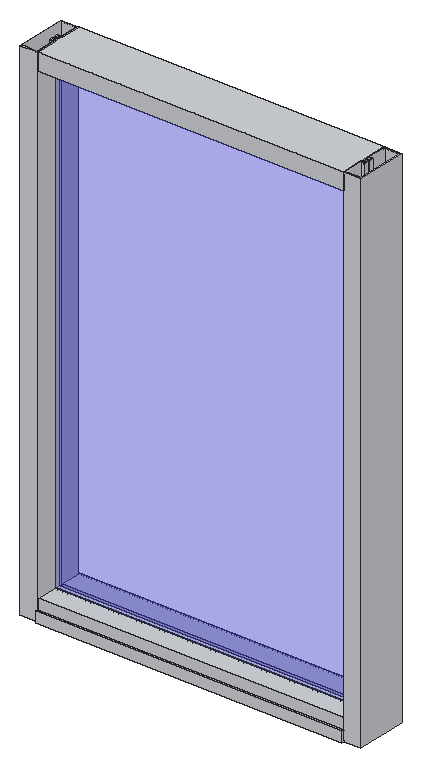
Revit family "ecoFRAMEplus 150mm Centre Pocket Double Glazed Framing", category Windows, host Wall, Revit 2021
Family settings
  Host = Wall
  OmniClass Number = 23.30.20.00
  OmniClass Title = Windows
  Always vertical = Yes
  Cut with Voids When Loaded = No
  Shared = No
  Room Calculation Point = No
Parameters
  Single Glazed [instance] = yes
  Rough Width = 0 mm  # constant formula
  Rough Height = 0 mm  # constant formula
  Height [instance] = 1500 mm
  Double Glazed [instance] = not(Single Glazed)  # no
  Default Sill Height = 800 mm
  Wall Closure = By host
  Width [instance] = 1000 mm
Reference planes
  plane 1 "Center (Front/Back)": y = 0
  plane 2 "Center (Left/Right)": x = 0
  plane 3 "Left": x = -500
  plane 4 "Right": x = 500
  plane 5 "Sill": z = 800
  plane 6 "Head": z = 2300
  plane 7 "Exterior": y = 100
  plane 8 "Interior": y = -100
Lines and regions (mm)
  Opening 1
    outline origin (3500, -100, 0) x (1, 0, 0) y (0, 0, 1)
      loop
        line (-3000, 800) -> (-3000, 2300) -> (-4000, 2300) -> (-4000, 800) -> (-3000, 800)
Text (mm)
  text "Exterior" at (-1963.203, 1332.353, 0), in view "Ref. Level"
  text "Interior" at (-1981.466, -818.386, 0), in view "Ref. Level"
  text "Exterior" at (0, 923.751, 2943.296), in view "Right"
  text "Exterior" at (0, 1040.484, 2685.409), in view "Left"
Dimensions and locks
  equal spacing: plane 3 "Left", plane 2 "Center (Left/Right)", plane 4 "Right"
  "Width": plane 3 "Left" to plane 4 "Right"
  "Height": plane 5 "Sill" to plane 6 "Head"
  "Default Sill Height": plane 5 "Sill" to level
  locked: plane 7 "Exterior" to host wall
  locked: plane 8 "Interior" to host wall
  aligned and locked: host wall to nested 1
  aligned and locked: nested 1 to plane 4 "Right"
  aligned and locked: nested 1 to plane 3 "Left"
  aligned and locked: nested 1 to plane 6 "Head"
  aligned and locked: nested 1 to plane 5 "Sill"
Automatic sketch dimensions
  Opening 1 sketch curve to plane 3 "Left" = 0 mm
  Opening 1 sketch curve to plane 4 "Right" = 0 mm
  Opening 1 sketch curve to plane 5 "Sill" = 0 mm
  Opening 1 sketch curve to plane 6 "Head" = 0 mm
Nested families
  nested 1: "ecoFRAMEplus 150mm Centre Pocket Double Glazed Framing" at (0, -0.979, 1002.904), type "ecoFRAMEplus 150mm Centre Pocket Double Glazed Framing"
    with Width 1000 mm, Overall Thickness Control 24 mm, Height 1500 mm, Glass Glass, Frame Material none, Double Glazing Thickness 24 mm, Air Gap Control 12 mm, Air Gap 12 mm
Definition of nested family "ecoFRAMEplus 150mm Centre Pocket Double Glazed Framing"
  Parameters (values of type "ecoFRAMEplus 150mm Centre Pocket Double Glazed Framing")
    Width [instance] = 750 mm
    URL = "https://www.alspec.com.au/derwent-76mm-centre-pocket-framing"
    Overall Thickness Control [instance] = if(Double Glazing Thickness > 28 mm, 28 mm, if(Double Glazing Thickness < 16 mm, 16 mm, Double Glazing Thickness))  # 24 mm
    Manufacturer = "ALSPEC"
    Jamb Width = 50 mm  # constant formula
    Height [instance] = 750 mm
    Glass [instance] = none
    Frame Material [instance] = none
    Double Glazing Thickness [instance] = 24 mm
    Designer = "Viraj Mhatre"
    Default Elevation = 0 mm
    Air Gap Control [instance] = if(Air Gap > 12 mm, 12 mm, if(Air Gap < 6 mm, 6 mm, Air Gap))  # 12 mm
    Air Gap [instance] = 12 mm
  Reference planes
    plane 1 "Center (Front/Back)": y = 0.979
    plane 2: z = 368.682
    plane 3 "Center (Left/Right)": x = 0
    plane 4 "Head Top": z = 1297.096
    plane 5 "Sill Bottom": z = 547.096
    plane 6: x = -375
    plane 7: x = 375
    plane 8: y = 12.979
    plane 9: y = 6.979
    plane 10: y = -5.021
    plane 11: y = -11.021
    plane 12: x = -325
    plane 13: x = 325
  Forms (mm)
    Extrusion 1, solid, material <- "Glass"
      sketch origin (0, 0, 0) x (0, 1, 0) y (0, 0, 1)
        loop
          line (12.979, 1259.096) -> (6.979, 1259.096) -> (6.979, 595.556) -> (12.979, 595.556) -> (12.979, 1259.096)
        loop
          line (-5.021, 1259.096) -> (-11.021, 1259.096) -> (-11.021, 595.556) -> (-5.021, 595.556) -> (-5.021, 1259.096)
      from -337 to 337
    Sweep 2, solid, material <- "Frame Material"
      path origin (0, 0, 368.682) x (1, 0, 0) y (0, 1, 0)
        loop
          line (-337, 12.979) -> (-325, 12.979) -> (-325, 74.479) -> (-375, 74.479) -> (-375, -75.521) -> (-325, -75.521) -> (-325, -11.021) -> (-337, -11.021) -> (-337, -5.021) -> (-328.523, -5.021) -> (-328.523, 6.979) -> (-337, 6.979) -> (-337, 12.979)
      profile origin (-337, 9.979, 368.682) x (1, 0, 0) y (0, 0, 1)
        loop
          line (0, 178.414) -> (0, 928.414) -> (-2, 928.414) -> (-2, 178.414) -> (0, 178.414)
    Sweep 3, solid, material <- "Frame Material"
      path origin (0, 0, 368.682) x (1, 0, 0) y (0, 1, 0)
        loop
          line (337, 12.979) -> (337, 6.979) -> (328.523, 6.979) -> (328.523, -5.021) -> (337, -5.021) -> (337, -11.021) -> (325, -11.021) -> (325, -75.521) -> (375, -75.521) -> (375, 74.479) -> (325, 74.479) -> (325, 12.979) -> (337, 12.979)
      profile origin (337, 9.979, 368.682) x (1, 0, 0) y (0, 0, 1)
        loop
          line (0, 178.414) -> (2, 178.414) -> (2, 928.414) -> (0, 928.414) -> (0, 178.414)
    Sweep 4, solid, material <- "Frame Material"
      path origin (0, 0, 0) x (0, 1, 0) y (0, 0, 1)
        loop
          line (12.979, 595.556) -> (6.979, 595.556) -> (6.979, 604.033) -> (-5.021, 604.033) -> (-5.021, 595.556) -> (-11.021, 595.556) -> (-11.021, 607.556) -> (-72.471, 607.556) -> (-72.471, 577.096) -> (-81.221, 577.096) -> (-81.221, 547.096) -> (77.529, 547.096) -> (77.529, 607.554) -> (12.979, 607.554) -> (12.979, 595.556)
      profile origin (0, 12.979, 601.555) x (0, -1, 0) y (1, 0, 0)
        loop
          line (0, -325) -> (0, 325) -> (-2, 325) -> (-2, -325) -> (0, -325)
    Sweep 5, solid, material <- "Frame Material"
      path origin (0, 0, 0) x (0, 1, 0) y (0, 0, 1)
        loop
          line (-11.021, 1259.096) -> (-5.021, 1259.096) -> (-5.021, 1250.619) -> (6.979, 1250.619) -> (6.979, 1259.096) -> (12.98, 1259.096) -> (12.98, 1247.096) -> (77.479, 1247.096) -> (77.479, 1297.096) -> (-72.521, 1297.096) -> (-72.521, 1247.096) -> (-11.021, 1247.096) -> (-11.021, 1259.096)
      profile origin (0, -8.021, 1259.096) x (0, 0, 1) y (1, 0, 0)
        loop
          line (0, -325) -> (2, -325) -> (2, 325) -> (0, 325) -> (0, -325)
  Dimensions and locks
    "Height": plane 4 "Head Top" to plane 5 "Sill Bottom"
    equal spacing: plane 6, plane 3 "Center (Left/Right)", plane 7
    "Width": plane 6 to plane 7
    equal spacing: plane 8, plane 1 "Center (Front/Back)", plane 11
    "Overall Thickness Control": plane 8 to plane 11
    "Air Gap Control": plane 9 to plane 10
    equal spacing: plane 9, plane 1 "Center (Front/Back)", plane 10
    locked: Extrusion 1 sketch curve to Extrusion 1 sketch curve  (x2)
    "Jamb Width": plane 6 to plane 12
    "Jamb Width": plane 13 to plane 7
    aligned and locked: level to plane 2
    aligned and locked: plane 8 to Extrusion 1 sketch curve
    aligned and locked: Extrusion 1 sketch curve to plane 9
    aligned and locked: plane 10 to Extrusion 1 sketch curve
    aligned and locked: Extrusion 1 sketch curve to plane 11
    aligned and locked: plane 1 "Center (Front/Back)" to import instance  (x3)
    aligned and locked: import instance to plane 6
    aligned and locked: import instance to plane 1 "Center (Front/Back)"
    aligned and locked: import instance to plane 7
    aligned and locked: import instance to plane 4 "Head Top"
    aligned and locked: plane 5 "Sill Bottom" to import instance
    aligned and locked: Sweep 2 sketch curve to import instance  (x11)
    aligned and locked: Sweep 3 sketch curve to import instance  (x10)
    aligned and locked: Sweep 4 sketch curve to import instance  (x11)
    aligned and locked: import instance to Sweep 4 sketch curve
    aligned and locked: Sweep 5 sketch curve to import instance  (x11)
    aligned and locked: plane 4 "Head Top" to Sweep 3 sketch curve
    aligned and locked: Sweep 3 sketch curve to plane 5 "Sill Bottom"
    aligned and locked: Sweep 2 sketch curve to plane 4 "Head Top"
    aligned and locked: plane 5 "Sill Bottom" to Sweep 2 sketch curve
    aligned and locked: Sweep 5 sketch curve to plane 13
    aligned and locked: plane 12 to Sweep 5 sketch curve
    aligned and locked: Sweep 4 sketch curve to plane 13
    aligned and locked: plane 12 to Sweep 4 sketch curve
    aligned and locked: Extrusion 1 to Sweep 2
    aligned and locked: Extrusion 1 to Sweep 3
    aligned and locked: Extrusion 1 to Sweep 4
    aligned and locked: Extrusion 1 to Sweep 5
  Automatic sketch dimensions
    plane 5 "Sill Bottom" to Extrusion 1 sketch curve = 48.46 mm
    Extrusion 1 sketch curve to plane 4 "Head Top" = 38 mm
    Sweep 2 sketch curve to Sweep 2 sketch curve = 0 mm
    profile plane to Sweep 2 sketch curve = 0 mm
    profile plane to Sweep 2 sketch curve = 2 mm
    Sweep 3 sketch curve to plane 11 = 0 mm
    Sweep 3 sketch curve to Sweep 3 sketch curve = 0 mm
    profile plane to Sweep 3 sketch curve = 0 mm
    Sweep 3 sketch curve to profile plane = 2 mm
    Sweep 4 sketch curve to plane 8 = 0 mm
    Sweep 4 sketch curve to Sweep 4 sketch curve = 0 mm
    Sweep 4 sketch curve to profile plane = 0 mm
    profile plane to Sweep 4 sketch curve = 2 mm
    Sweep 5 sketch curve to Sweep 5 sketch curve = 0 mm
    Sweep 5 sketch curve to profile plane = 0 mm
    Sweep 5 sketch curve to profile plane = 2 mm
